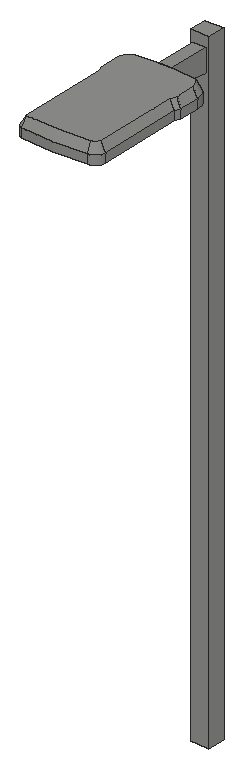
Revit family "VP-3-A", category Lighting Fixtures, host Face, Revit 2019
Family settings
  Host = Face
  Round Connector Dimension = Use Diameter
  Part Type = Normal
  OmniClass Number = 23.80.70.11.14.17
  OmniClass Title = Direct/Indirect
  Cut with Voids When Loaded = No
  Light Source = No
  Shared = Yes
  Room Calculation Point = No
Parameters (values of type "VP-3-A")
  Wattage Comments = "423 W"  # constant formula
  Warranty = "Five year warranty"  # constant formula
  Voltage = 120 V
  URL = "https://www.currentlighting.com/beacon"
  Type Comments = "Lighting Fixture"  # constant formula
  Product Page URL = "https://www.currentlighting.com/outdoor-lighting/viper-area-size-3/9606405"
  Product Documentation Link = "https://cdn.currentlighting.com/site/specsheet/BEA_VIPERSPEC.pdf"
  Power Factor = 0.9
  Pole Height [instance] = 120.00"
  Name = "Viper Area Size 3"  # constant formula
  Model = "VP-3-A"
  Matt Grey = MATT GREY
  Matt Black = Matt Black
  Manufacturer = "Current Lighting"  # constant formula
  Load Classification = Lighting
  Light Output = 30846.00 cd/m²
  Lamp = "LED"  # constant formula
  Grey = Grey
  Glass = Glass
  Pole Size [instance] = 3.50"
  Features = "Featuring two different optical technologies, Micro Strike and Strike Optics, which provide the best distribution patterns for retrofit or new construction\r\nVibration rated for high vibration applications including bridges and overpasses\r\nControl options including photo control, occupancy sensing, NX Lighting Controls, wiSCAPE and 7-Pin with networked controls\r\nMounting options include: Arm, Universal Arm, Adjustable Arm, Mast Arm, Decorative Arm, Knuckle, Trunnion, Wall\r\nDistribution options include: Auto Front Row, Type 2, Type 3, Type 4 Forward, Type 4 Wide, Type 5 Narrow, Type 5 Medium, Type 5 Wide, Type 5 Rectangular, Corner Optic, and Tennis Court\r\n\r\n"  # constant formula
  Copyright = "© 2022 Current Lighting"  # constant formula
  Cool Grey = Cool Grey
  Contact Us = "https://www.currentlighting.com/contact-us"
  Certification = "UL"  # constant formula
  Description = "The Viper is an extremely versatile area/site luminaire which blends design, performance, and technology for a variety of applications."  # constant formula
  Default Elevation = 48.00"
  Finish = Arctic White
  Matt White = Matt White
  CRI = "70"  # constant formula
  Brand = "Beacon"  # constant formula
  Assembly Code = "D5020200"
  Apparent Load = 423 VA  # constant formula
Reference planes (in)
  plane 1 "Center (Front/Back)": y = 6.16697
  plane 2: z = 0
  plane 3 "Center (Left/Right)": x = 0
  plane 4: z = 3.75
  plane 5: z = -4.44
  plane 6: x = -1.75
  plane 7: x = 1.75
  plane 8: y = 4.41697
  plane 9: y = 7.91697
  plane 10: z = 120
  plane 11: z = 122
Forms (in)
  Extrusion 1, solid, material "Cool Grey" <- "Cool Grey"
    sketch origin (0, 0, 0) x (1, 0, 0) y (0, 1, 0)
      loop
        line (-1.75, 7.91697) -> (-1.75, 4.41697) -> (1.75, 4.41697) -> (1.75, 7.91697) -> (-1.75, 7.91697)
    from 0 to 120
  Extrusion 2, solid, material "Cool Grey" <- "Cool Grey"
    sketch origin (0, 0, 0) x (1, 0, 0) y (0, 1, 0)
      loop
        line (-1.75, 7.91697) -> (-1.75, 4.41697) -> (1.75, 4.41697) -> (1.75, 7.91697) -> (-1.75, 7.91697)
    from 120 to 122
Cuts and joins
  joined: Extrusion 1, Extrusion 2
Lines and regions (in)
  reference lines
    curve 1: line (0, 14.42606, -3.25) -> (0, 17.42606, -0.25)
    curve 2: line (0, -2.09213, -3.25) -> (0, 14.42606, -3.25)
    curve 3: line (0, -5.09213, -0.25) -> (0, -2.09213, -3.25)
    curve 4: line (0, 14.42606, -3.25) -> (0, 17.42606, -0.25)
    curve 5: line (0, -5.09213, -0.25) -> (0, 17.42606, -0.25)
    curve 6: line (0, 17.17606, -0.77432) -> (0, 17.92606, -0.77432)
    curve 7: line (0, 17.17606, -1.52432) -> (0, 17.17606, -0.77432)
    curve 8: line (0, 16.69614, -1.52432) -> (0, 17.17606, -1.52432)
    curve 9: line (0, 14.92606, -4.25) -> (0, 16.69614, -1.52432)
    curve 10: line (0, -4.3622, -1.52432) -> (0, -2.59213, -4.25)
    curve 11: line (0, -4.84213, -1.52432) -> (0, -4.3622, -1.52432)
    curve 12: line (0, -4.84213, -0.77432) -> (0, -4.84213, -1.52432)
    curve 13: line (0, -5.59213, -0.77432) -> (0, -4.84213, -0.77432)
Dimensions and locks (in)
  plane 4 to plane 2 = 3.75"
  "Pole Size": plane 8 to plane 9
  equal spacing: plane 8, plane 1 "Center (Front/Back)", plane 9
  equal spacing: plane 6, plane 3 "Center (Left/Right)", plane 7
  "Pole Size": plane 6 to plane 7
  "Pole Height": plane 10 to plane 2
  locked: plane 11 to plane 10 at 2
  aligned and locked: plane 2 to host face
  aligned and locked: level to host face
  aligned and locked: plane 10 to Extrusion 1
  aligned and locked: plane 3 "Center (Left/Right)" to nested 1
  aligned and locked: plane 9 to Extrusion 1 sketch curve
  aligned and locked: plane 6 to Extrusion 1 sketch curve
  aligned and locked: Extrusion 1 sketch curve to plane 8
  aligned and locked: Extrusion 1 sketch curve to plane 7
  aligned and locked: nested 1 to plane 10
  aligned and locked: Extrusion 2 sketch curve to Extrusion 1  (x4)
  aligned and locked: Extrusion 2 to Extrusion 1
  aligned and locked: plane 11 to Extrusion 2
Automatic sketch dimensions
  host sketch curve to host sketch curve = 96.00"
  host sketch curve to host sketch curve = 85.00"
  curve 3 to level = 0.25"
  plane 8 to curve 3 = 9.50909"
  curve 3 to curve 12 = 0.25"
  curve 11 to curve 11 = 0.47992"
  curve 2 to plane 5 = 1.19"
  curve 10 to curve 2 = 2.27008"
  curve 1 to plane 9 = 6.50909"
  curve 9 to level = 1.52432"
  curve 1 to curve 9 = 2.27008"
  curve 8 to curve 8 = 0.47992"
  curve 6 to curve 4 = 0.25"
  curve 10 to curve 3 = 1.27432"
  curve 7 to curve 1 = 0.52432"
  curve 12 to curve 3 = 0.52432"
  curve 13 to curve 3 = 0.50"
  curve 10 to plane 5 = 0.19"
  curve 10 to curve 2 = 0.50"
  curve 9 to plane 5 = 0.19"
  curve 1 to curve 9 = 0.50"
  curve 1 to curve 6 = 0.50"
Nested families (in)
  nested 1: "SIZE3" at (0, 4.41697, 118.26) x (1, 0, 0) z (0, -1, 0), type "SIZE3"
Connectors (in)
  electrical at (0, 6.16697, 0), driven by "Power Factor", driven by "Apparent Load", driven by "Voltage"
    settings: on Extrusion 1, index 1, voltage 120 V, apparent load 423 VA, apparent load phase1 0 VA, apparent load phase2 0 VA, apparent load phase3 0 VA, power factor 0.9, load classification "Other", number of poles 1, system type 30, power factor state 1, is connector primary yes, connector utility no, sub classification motor no, connector description "Light Fixture"
Definition of nested family "SIZE3"
  Parameters (values of type "SIZE3")
    Width = 16.11"
    Wattage = 423.2 W
    built-in parameter 1150110 = 1 (stored number, unit not read)
    built-in parameter 1114217 = 1 (stored number, unit not read)
    Tilt Angle = 160.00°
    built-in parameter 1150109 = 1 (stored number, unit not read)
    built-in parameter 1150134 = 3
    built-in parameter 1150113 = 1 (stored number, unit not read)
    Photometric Web File = "VP-3-480L-425-3K7-4W-BC.ies"
    Mount Length = 7.50"
    built-in parameter 1150105 = 2458.4 (stored number, unit not read)
    Lumens = 30893.6 lm
    built-in parameter 1150115 = 1 (stored number, unit not read)
    built-in parameter 1150137 = (empty or 0)
    built-in parameter 1150139 = (empty or 0)
    Length = 26.97"
    built-in parameter 1150112 = 1 (stored number, unit not read)
    built-in parameter 1150114 = 1 (stored number, unit not read)
    built-in parameter 1150132 = (empty or 0)
    built-in parameter 1150102 = (empty or 0)
    built-in parameter 1150107 = 3200 (stored number, unit not read)
    built-in parameter 1150138 = (empty or 0)
    built-in parameter 1150106 = 24.584 (stored number, unit not read)
    Glass = none
    Fixture = none
    built-in parameter 1150104 = 6.7819 (stored number, unit not read)
    Dimming Lamp Color Temperature Shift = (empty or 0)
    Default Elevation = 48.00"
    Color Filter = 16777215
    built-in parameter 1114218 = 1 (stored number, unit not read)
    built-in parameter 1150133 = 10 (stored number, unit not read)
  Reference planes (in)
    plane 1 "Center (Front/Back)": y = 0
    plane 2: z = 0
    plane 3 "Center (Left/Right)": x = 0
    plane 4: x = 8.055
    plane 5: x = -8.055
    plane 6: z = 7.5
    plane 7: z = 34.47
    plane 8: y = -1.74
    plane 9: y = 1.74
  Forms (in)
    Extrusion 1, solid
      sketch origin (0, 0, 0) x (1, 0, 0) y (0, 1, 0)
        loop
          line (-48, 48) -> (-48, -48) -> (48, -48) -> (48, 48) -> (-48, 48)
      from 0 to -12
    Extrusion 2, solid, material <- "Fixture"
      sketch origin (0, 0, 0) x (1, 0, 0) y (0, 0, 1)
        loop
          line (-7.77472, 15.72202) -> (-8.18, 14.67799) -> (-8.18, 10.64521)
          arc (-8.18, 10.64521) -> (-7.52407, 8.68733) -> (-5.82104, 7.51974) r 3.25
          arc (-5.82104, 7.51974) -> (0, 7.02866) -> (5.82104, 7.51974) r 34.74571
          arc (5.82104, 7.51974) -> (7.52407, 8.68733) -> (8.18, 10.64521) r 3.25
          line (8.18, 10.64521) -> (8.18, 14.67799) -> (7.7425, 15.80502) -> (7.7425, 32.05879)
          arc (7.7425, 32.05879) -> (7.16964, 33.45997) -> (5.77922, 34.05846) r 2
          arc (5.77922, 34.05846) -> (-0.48981, 34.44343) -> (-6.75192, 33.95884) r 45.36519
          arc (-6.75192, 33.95884) -> (-7.48558, 33.52919) -> (-7.77472, 32.72966) r 1.25
          line (-7.77472, 32.72966) -> (-7.77472, 15.72202)
      from 0 to 1.74
    Extrusion 3, solid, material <- "Fixture"
      sketch origin (0, 0, 0) x (0, 1, 0) y (0, 0, 1)
        loop
          line (1.74, 8.13918) -> (-1.6273, 8.13918) -> (-2.86955, -1.406) -> (1.74, -1.406) -> (1.74, 8.13918)
      from -1.24 to 1.24
    Extrusion 4, void
      sketch origin (0, 0, 0) x (1, 0, 0) y (0, 0, 1)
        loop
          arc (-6.77608, 15.13973) -> (0.07705, 15.56709) -> (6.93, 15.13674) r 54.96889
          line (6.93, 15.13674) -> (6.93, 32.15182) -> (-6.77608, 32.15182) -> (-6.77608, 15.13973)
      from 1 to 1.75
    Extrusion 5, solid, material <- "Glass"
      sketch origin (0, 0, 0) x (1, 0, 0) y (0, 0, 1)
        loop
          arc (-5.55487, 32.15182) -> (-5.80236, 32.04931) -> (-5.90487, 31.80182) r 0.35
          line (-5.90487, 31.80182) -> (-5.90487, 27.00182)
          arc (-5.90487, 27.00182) -> (-5.80236, 26.75434) -> (-5.55487, 26.65182) r 0.35
          line (-5.55487, 26.65182) -> (5.55487, 26.65182)
          arc (5.55487, 26.65182) -> (5.80236, 26.75434) -> (5.90487, 27.00182) r 0.35
          line (5.90487, 27.00182) -> (5.90487, 31.80182)
          arc (5.90487, 31.80182) -> (5.80236, 32.04931) -> (5.55487, 32.15182) r 0.35
          line (5.55487, 32.15182) -> (-5.55487, 32.15182)
      from 1 to 1.35
    Extrusion 6, solid, material <- "Glass"
      sketch origin (0.75, 0, 0.125) x (1, 0, 0) y (0, 0, 1)
        loop
          circle (-5.72329, 31.32694) r 0.15
        loop
          circle (-5.20455, 31.32694) r 0.15
        loop
          circle (-4.6858, 31.32694) r 0.15
        loop
          circle (-4.16705, 31.32694) r 0.15
        loop
          circle (-3.6483, 31.32694) r 0.15
        loop
          circle (-3.12955, 31.32694) r 0.15
        loop
          circle (-2.6108, 31.32694) r 0.15
        loop
          circle (-2.09205, 31.32694) r 0.15
        loop
          circle (-1.57331, 31.32694) r 0.15
        loop
          circle (-5.72329, 30.82694) r 0.15
        loop
          circle (-5.20455, 30.82694) r 0.15
        loop
          circle (-4.6858, 30.82694) r 0.15
        loop
          circle (-4.16705, 30.82694) r 0.15
        loop
          circle (-3.6483, 30.82694) r 0.15
        loop
          circle (-3.12955, 30.82694) r 0.15
        loop
          circle (-2.6108, 30.82694) r 0.15
        loop
          circle (-2.09205, 30.82694) r 0.15
        loop
          circle (-1.57331, 30.82694) r 0.15
        loop
          circle (-5.72329, 30.32694) r 0.15
        loop
          circle (-5.20455, 30.32694) r 0.15
        loop
          circle (-4.6858, 30.32694) r 0.15
        loop
          circle (-4.16705, 30.32694) r 0.15
        loop
          circle (-3.6483, 30.32694) r 0.15
        loop
          circle (-3.12955, 30.32694) r 0.15
        loop
          circle (-2.6108, 30.32694) r 0.15
        loop
          circle (-2.09205, 30.32694) r 0.15
        loop
          circle (-1.57331, 30.32694) r 0.15
        loop
          circle (-5.72329, 29.82694) r 0.15
        loop
          circle (-5.20455, 29.82694) r 0.15
        loop
          circle (-4.6858, 29.82694) r 0.15
        loop
          circle (-4.16705, 29.82694) r 0.15
        loop
          circle (-3.6483, 29.82694) r 0.15
        loop
          circle (-3.12955, 29.82694) r 0.15
        loop
          circle (-2.6108, 29.82694) r 0.15
        loop
          circle (-2.09205, 29.82694) r 0.15
        loop
          circle (-1.57331, 29.82694) r 0.15
        loop
          circle (-5.72329, 29.32694) r 0.15
        loop
          circle (-5.20455, 29.32694) r 0.15
        loop
          circle (-4.6858, 29.32694) r 0.15
        loop
          circle (-4.16705, 29.32694) r 0.15
        loop
          circle (-3.6483, 29.32694) r 0.15
        loop
          circle (-3.12955, 29.32694) r 0.15
        loop
          circle (-2.6108, 29.32694) r 0.15
        loop
          circle (-2.09205, 29.32694) r 0.15
        loop
          circle (-1.57331, 29.32694) r 0.15
        loop
          circle (-5.72329, 28.82694) r 0.15
        loop
          circle (-5.20455, 28.82694) r 0.15
        loop
          circle (-4.6858, 28.82694) r 0.15
        loop
          circle (-4.16705, 28.82694) r 0.15
        loop
          circle (-3.6483, 28.82694) r 0.15
        loop
          circle (-3.12955, 28.82694) r 0.15
        loop
          circle (-2.6108, 28.82694) r 0.15
        loop
          circle (-2.09205, 28.82694) r 0.15
        loop
          circle (-1.57331, 28.82694) r 0.15
        loop
          circle (-5.72329, 28.32694) r 0.15
        loop
          circle (-5.20455, 28.32694) r 0.15
        loop
          circle (-4.6858, 28.32694) r 0.15
        loop
          circle (-4.16705, 28.32694) r 0.15
        loop
          circle (-3.6483, 28.32694) r 0.15
        loop
          circle (-3.12955, 28.32694) r 0.15
        loop
          circle (-2.6108, 28.32694) r 0.15
        loop
          circle (-2.09205, 28.32694) r 0.15
        loop
          circle (-1.57331, 28.32694) r 0.15
        loop
          circle (-5.72329, 27.82694) r 0.15
        loop
          circle (-5.20455, 27.82694) r 0.15
        loop
          circle (-4.6858, 27.82694) r 0.15
        loop
          circle (-4.16705, 27.82694) r 0.15
        loop
          circle (-3.6483, 27.82694) r 0.15
        loop
          circle (-3.12955, 27.82694) r 0.15
        loop
          circle (-2.6108, 27.82694) r 0.15
        loop
          circle (-2.09205, 27.82694) r 0.15
        loop
          circle (-1.57331, 27.82694) r 0.15
        loop
          circle (-5.72329, 27.32694) r 0.15
        loop
          circle (-5.20455, 27.32694) r 0.15
        loop
          circle (-4.6858, 27.32694) r 0.15
        loop
          circle (-4.16705, 27.32694) r 0.15
        loop
          circle (-3.6483, 27.32694) r 0.15
        loop
          circle (-3.12955, 27.32694) r 0.15
        loop
          circle (-2.6108, 27.32694) r 0.15
        loop
          circle (-2.09205, 27.32694) r 0.15
        loop
          circle (-1.57331, 27.32694) r 0.15
      from 1.35 to 1.4
    Extrusion 7, solid, material <- "Glass"
      sketch origin (0, 0, 0.125) x (1, 0, 0) y (0, 0, 1)
        loop
          arc (-5.41155, 31.8309) -> (-5.58833, 31.75768) -> (-5.66155, 31.5809) r 0.25
          line (-5.66155, 31.5809) -> (-5.66155, 27.0809)
          arc (-5.66155, 27.0809) -> (-5.58833, 26.90412) -> (-5.41155, 26.8309) r 0.25
          line (-5.41155, 26.8309) -> (-0.54655, 26.8309)
          arc (-0.54655, 26.8309) -> (-0.36977, 26.90412) -> (-0.29655, 27.0809) r 0.25
          line (-0.29655, 27.0809) -> (-0.29655, 31.5809)
          arc (-0.29655, 31.5809) -> (-0.36977, 31.75768) -> (-0.54655, 31.8309) r 0.25
          line (-0.54655, 31.8309) -> (-5.41155, 31.8309)
      from 1.35 to 1.37213
    Extrusion 8, solid, material <- "Fixture"
      sketch origin (0.125, 0, 12.5) x (1, 0, 0) y (0, 1, 0)
        loop
          line (5.93193, -1) -> (5.93193, -1.20146)
          arc (5.93193, -1.20146) -> (5.93867, -1.23973) -> (5.95811, -1.27339) r 0.1119
          line (5.95811, -1.27339) -> (6.31867, -1.70309)
          arc (6.31867, -1.70309) -> (6.34664, -1.72455) -> (6.38107, -1.73219) r 0.08147
          line (6.38107, -1.73219) -> (6.805, -1.73219) -> (6.805, -1) -> (5.93193, -1)
      from 18.55 to 18.65
    Extrusion 9, solid, material <- "Glass"
      sketch origin (-0.75, 0, 0.125) x (-1, 0, 0) y (0, 0, -1)
        loop
          circle (-5.72329, -31.32694) r 0.15
        loop
          circle (-5.20455, -31.32694) r 0.15
        loop
          circle (-4.6858, -31.32694) r 0.15
        loop
          circle (-4.16705, -31.32694) r 0.15
        loop
          circle (-3.6483, -31.32694) r 0.15
        loop
          circle (-3.12955, -31.32694) r 0.15
        loop
          circle (-2.6108, -31.32694) r 0.15
        loop
          circle (-2.09205, -31.32694) r 0.15
        loop
          circle (-1.57331, -31.32694) r 0.15
        loop
          circle (-5.72329, -30.82694) r 0.15
        loop
          circle (-5.20455, -30.82694) r 0.15
        loop
          circle (-4.6858, -30.82694) r 0.15
        loop
          circle (-4.16705, -30.82694) r 0.15
        loop
          circle (-3.6483, -30.82694) r 0.15
        loop
          circle (-3.12955, -30.82694) r 0.15
        loop
          circle (-2.6108, -30.82694) r 0.15
        loop
          circle (-2.09205, -30.82694) r 0.15
        loop
          circle (-1.57331, -30.82694) r 0.15
        loop
          circle (-5.72329, -30.32694) r 0.15
        loop
          circle (-5.20455, -30.32694) r 0.15
        loop
          circle (-4.6858, -30.32694) r 0.15
        loop
          circle (-4.16705, -30.32694) r 0.15
        loop
          circle (-3.6483, -30.32694) r 0.15
        loop
          circle (-3.12955, -30.32694) r 0.15
        loop
          circle (-2.6108, -30.32694) r 0.15
        loop
          circle (-2.09205, -30.32694) r 0.15
        loop
          circle (-1.57331, -30.32694) r 0.15
        loop
          circle (-5.72329, -29.82694) r 0.15
        loop
          circle (-5.20455, -29.82694) r 0.15
        loop
          circle (-4.6858, -29.82694) r 0.15
        loop
          circle (-4.16705, -29.82694) r 0.15
        loop
          circle (-3.6483, -29.82694) r 0.15
        loop
          circle (-3.12955, -29.82694) r 0.15
        loop
          circle (-2.6108, -29.82694) r 0.15
        loop
          circle (-2.09205, -29.82694) r 0.15
        loop
          circle (-1.57331, -29.82694) r 0.15
        loop
          circle (-5.72329, -29.32694) r 0.15
        loop
          circle (-5.20455, -29.32694) r 0.15
        loop
          circle (-4.6858, -29.32694) r 0.15
        loop
          circle (-4.16705, -29.32694) r 0.15
        loop
          circle (-3.6483, -29.32694) r 0.15
        loop
          circle (-3.12955, -29.32694) r 0.15
        loop
          circle (-2.6108, -29.32694) r 0.15
        loop
          circle (-2.09205, -29.32694) r 0.15
        loop
          circle (-1.57331, -29.32694) r 0.15
        loop
          circle (-5.72329, -28.82694) r 0.15
        loop
          circle (-5.20455, -28.82694) r 0.15
        loop
          circle (-4.6858, -28.82694) r 0.15
        loop
          circle (-4.16705, -28.82694) r 0.15
        loop
          circle (-3.6483, -28.82694) r 0.15
        loop
          circle (-3.12955, -28.82694) r 0.15
        loop
          circle (-2.6108, -28.82694) r 0.15
        loop
          circle (-2.09205, -28.82694) r 0.15
        loop
          circle (-1.57331, -28.82694) r 0.15
        loop
          circle (-5.72329, -28.32694) r 0.15
        loop
          circle (-5.20455, -28.32694) r 0.15
        loop
          circle (-4.6858, -28.32694) r 0.15
        loop
          circle (-4.16705, -28.32694) r 0.15
        loop
          circle (-3.6483, -28.32694) r 0.15
        loop
          circle (-3.12955, -28.32694) r 0.15
        loop
          circle (-2.6108, -28.32694) r 0.15
        loop
          circle (-2.09205, -28.32694) r 0.15
        loop
          circle (-1.57331, -28.32694) r 0.15
        loop
          circle (-5.72329, -27.82694) r 0.15
        loop
          circle (-5.20455, -27.82694) r 0.15
        loop
          circle (-4.6858, -27.82694) r 0.15
        loop
          circle (-4.16705, -27.82694) r 0.15
        loop
          circle (-3.6483, -27.82694) r 0.15
        loop
          circle (-3.12955, -27.82694) r 0.15
        loop
          circle (-2.6108, -27.82694) r 0.15
        loop
          circle (-2.09205, -27.82694) r 0.15
        loop
          circle (-1.57331, -27.82694) r 0.15
        loop
          circle (-5.72329, -27.32694) r 0.15
        loop
          circle (-5.20455, -27.32694) r 0.15
        loop
          circle (-4.6858, -27.32694) r 0.15
        loop
          circle (-4.16705, -27.32694) r 0.15
        loop
          circle (-3.6483, -27.32694) r 0.15
        loop
          circle (-3.12955, -27.32694) r 0.15
        loop
          circle (-2.6108, -27.32694) r 0.15
        loop
          circle (-2.09205, -27.32694) r 0.15
        loop
          circle (-1.57331, -27.32694) r 0.15
      from 1.35 to 1.4
    Extrusion 10, solid, material <- "Glass"
      sketch origin (0, 0, 0.125) x (-1, 0, 0) y (0, 0, -1)
        loop
          line (-5.41155, -31.8309) -> (-0.54655, -31.8309)
          arc (-0.54655, -31.8309) -> (-0.36977, -31.75768) -> (-0.29655, -31.5809) r 0.25
          line (-0.29655, -31.5809) -> (-0.29655, -27.0809)
          arc (-0.29655, -27.0809) -> (-0.36977, -26.90412) -> (-0.54655, -26.8309) r 0.25
          line (-0.54655, -26.8309) -> (-5.41155, -26.8309)
          arc (-5.41155, -26.8309) -> (-5.58833, -26.90412) -> (-5.66155, -27.0809) r 0.25
          line (-5.66155, -27.0809) -> (-5.66155, -31.5809)
          arc (-5.66155, -31.5809) -> (-5.58833, -31.75768) -> (-5.41155, -31.8309) r 0.25
      from 1.35 to 1.37213
    Extrusion 11, solid, material <- "Glass"
      sketch origin (0, 0, -5.25) x (1, 0, 0) y (0, 0, 1)
        loop
          arc (-5.55487, 31.90182) -> (-5.80236, 31.79931) -> (-5.90487, 31.55182) r 0.35
          line (-5.90487, 31.55182) -> (-5.90487, 26.75182)
          arc (-5.90487, 26.75182) -> (-5.80236, 26.50434) -> (-5.55487, 26.40182) r 0.35
          line (-5.55487, 26.40182) -> (5.55487, 26.40182)
          arc (5.55487, 26.40182) -> (5.80236, 26.50434) -> (5.90487, 26.75182) r 0.35
          line (5.90487, 26.75182) -> (5.90487, 31.55182)
          arc (5.90487, 31.55182) -> (5.80236, 31.79931) -> (5.55487, 31.90182) r 0.35
          line (5.55487, 31.90182) -> (-5.55487, 31.90182)
      from 1 to 1.35
    Extrusion 12, solid, material <- "Glass"
      sketch origin (0.75, 0, -5.375) x (1, 0, 0) y (0, 0, 1)
        loop
          circle (-5.72329, 31.32694) r 0.15
        loop
          circle (-5.20455, 31.32694) r 0.15
        loop
          circle (-4.6858, 31.32694) r 0.15
        loop
          circle (-4.16705, 31.32694) r 0.15
        loop
          circle (-3.6483, 31.32694) r 0.15
        loop
          circle (-3.12955, 31.32694) r 0.15
        loop
          circle (-2.6108, 31.32694) r 0.15
        loop
          circle (-2.09205, 31.32694) r 0.15
        loop
          circle (-1.57331, 31.32694) r 0.15
        loop
          circle (-5.72329, 30.82694) r 0.15
        loop
          circle (-5.20455, 30.82694) r 0.15
        loop
          circle (-4.6858, 30.82694) r 0.15
        loop
          circle (-4.16705, 30.82694) r 0.15
        loop
          circle (-3.6483, 30.82694) r 0.15
        loop
          circle (-3.12955, 30.82694) r 0.15
        loop
          circle (-2.6108, 30.82694) r 0.15
        loop
          circle (-2.09205, 30.82694) r 0.15
        loop
          circle (-1.57331, 30.82694) r 0.15
        loop
          circle (-5.72329, 30.32694) r 0.15
        loop
          circle (-5.20455, 30.32694) r 0.15
        loop
          circle (-4.6858, 30.32694) r 0.15
        loop
          circle (-4.16705, 30.32694) r 0.15
        loop
          circle (-3.6483, 30.32694) r 0.15
        loop
          circle (-3.12955, 30.32694) r 0.15
        loop
          circle (-2.6108, 30.32694) r 0.15
        loop
          circle (-2.09205, 30.32694) r 0.15
        loop
          circle (-1.57331, 30.32694) r 0.15
        loop
          circle (-5.72329, 29.82694) r 0.15
        loop
          circle (-5.20455, 29.82694) r 0.15
        loop
          circle (-4.6858, 29.82694) r 0.15
        loop
          circle (-4.16705, 29.82694) r 0.15
        loop
          circle (-3.6483, 29.82694) r 0.15
        loop
          circle (-3.12955, 29.82694) r 0.15
        loop
          circle (-2.6108, 29.82694) r 0.15
        loop
          circle (-2.09205, 29.82694) r 0.15
        loop
          circle (-1.57331, 29.82694) r 0.15
        loop
          circle (-5.72329, 29.32694) r 0.15
        loop
          circle (-5.20455, 29.32694) r 0.15
        loop
          circle (-4.6858, 29.32694) r 0.15
        loop
          circle (-4.16705, 29.32694) r 0.15
        loop
          circle (-3.6483, 29.32694) r 0.15
        loop
          circle (-3.12955, 29.32694) r 0.15
        loop
          circle (-2.6108, 29.32694) r 0.15
        loop
          circle (-2.09205, 29.32694) r 0.15
        loop
          circle (-1.57331, 29.32694) r 0.15
        loop
          circle (-5.72329, 28.82694) r 0.15
        loop
          circle (-5.20455, 28.82694) r 0.15
        loop
          circle (-4.6858, 28.82694) r 0.15
        loop
          circle (-4.16705, 28.82694) r 0.15
        loop
          circle (-3.6483, 28.82694) r 0.15
        loop
          circle (-3.12955, 28.82694) r 0.15
        loop
          circle (-2.6108, 28.82694) r 0.15
        loop
          circle (-2.09205, 28.82694) r 0.15
        loop
          circle (-1.57331, 28.82694) r 0.15
        loop
          circle (-5.72329, 28.32694) r 0.15
        loop
          circle (-5.20455, 28.32694) r 0.15
        loop
          circle (-4.6858, 28.32694) r 0.15
        loop
          circle (-4.16705, 28.32694) r 0.15
        loop
          circle (-3.6483, 28.32694) r 0.15
        loop
          circle (-3.12955, 28.32694) r 0.15
        loop
          circle (-2.6108, 28.32694) r 0.15
        loop
          circle (-2.09205, 28.32694) r 0.15
        loop
          circle (-1.57331, 28.32694) r 0.15
        loop
          circle (-5.72329, 27.82694) r 0.15
        loop
          circle (-5.20455, 27.82694) r 0.15
        loop
          circle (-4.6858, 27.82694) r 0.15
        loop
          circle (-4.16705, 27.82694) r 0.15
        loop
          circle (-3.6483, 27.82694) r 0.15
        loop
          circle (-3.12955, 27.82694) r 0.15
        loop
          circle (-2.6108, 27.82694) r 0.15
        loop
          circle (-2.09205, 27.82694) r 0.15
        loop
          circle (-1.57331, 27.82694) r 0.15
        loop
          circle (-5.72329, 27.32694) r 0.15
        loop
          circle (-5.20455, 27.32694) r 0.15
        loop
          circle (-4.6858, 27.32694) r 0.15
        loop
          circle (-4.16705, 27.32694) r 0.15
        loop
          circle (-3.6483, 27.32694) r 0.15
        loop
          circle (-3.12955, 27.32694) r 0.15
        loop
          circle (-2.6108, 27.32694) r 0.15
        loop
          circle (-2.09205, 27.32694) r 0.15
        loop
          circle (-1.57331, 27.32694) r 0.15
      from 1.35 to 1.4
    Extrusion 13, solid, material <- "Glass"
      sketch origin (0, 0, -5.375) x (1, 0, 0) y (0, 0, 1)
        loop
          arc (-5.41155, 31.8309) -> (-5.58833, 31.75768) -> (-5.66155, 31.5809) r 0.25
          line (-5.66155, 31.5809) -> (-5.66155, 27.0809)
          arc (-5.66155, 27.0809) -> (-5.58833, 26.90412) -> (-5.41155, 26.8309) r 0.25
          line (-5.41155, 26.8309) -> (-0.54655, 26.8309)
          arc (-0.54655, 26.8309) -> (-0.36977, 26.90412) -> (-0.29655, 27.0809) r 0.25
          line (-0.29655, 27.0809) -> (-0.29655, 31.5809)
          arc (-0.29655, 31.5809) -> (-0.36977, 31.75768) -> (-0.54655, 31.8309) r 0.25
          line (-0.54655, 31.8309) -> (-5.41155, 31.8309)
      from 1.35 to 1.37213
    Extrusion 14, solid, material <- "Glass"
      sketch origin (-0.75, 0, -5.375) x (-1, 0, 0) y (0, 0, -1)
        loop
          circle (-5.72329, -31.32694) r 0.15
        loop
          circle (-5.20455, -31.32694) r 0.15
        loop
          circle (-4.6858, -31.32694) r 0.15
        loop
          circle (-4.16705, -31.32694) r 0.15
        loop
          circle (-3.6483, -31.32694) r 0.15
        loop
          circle (-3.12955, -31.32694) r 0.15
        loop
          circle (-2.6108, -31.32694) r 0.15
        loop
          circle (-2.09205, -31.32694) r 0.15
        loop
          circle (-1.57331, -31.32694) r 0.15
        loop
          circle (-5.72329, -30.82694) r 0.15
        loop
          circle (-5.20455, -30.82694) r 0.15
        loop
          circle (-4.6858, -30.82694) r 0.15
        loop
          circle (-4.16705, -30.82694) r 0.15
        loop
          circle (-3.6483, -30.82694) r 0.15
        loop
          circle (-3.12955, -30.82694) r 0.15
        loop
          circle (-2.6108, -30.82694) r 0.15
        loop
          circle (-2.09205, -30.82694) r 0.15
        loop
          circle (-1.57331, -30.82694) r 0.15
        loop
          circle (-5.72329, -30.32694) r 0.15
        loop
          circle (-5.20455, -30.32694) r 0.15
        loop
          circle (-4.6858, -30.32694) r 0.15
        loop
          circle (-4.16705, -30.32694) r 0.15
        loop
          circle (-3.6483, -30.32694) r 0.15
        loop
          circle (-3.12955, -30.32694) r 0.15
        loop
          circle (-2.6108, -30.32694) r 0.15
        loop
          circle (-2.09205, -30.32694) r 0.15
        loop
          circle (-1.57331, -30.32694) r 0.15
        loop
          circle (-5.72329, -29.82694) r 0.15
        loop
          circle (-5.20455, -29.82694) r 0.15
        loop
          circle (-4.6858, -29.82694) r 0.15
        loop
          circle (-4.16705, -29.82694) r 0.15
        loop
          circle (-3.6483, -29.82694) r 0.15
        loop
          circle (-3.12955, -29.82694) r 0.15
        loop
          circle (-2.6108, -29.82694) r 0.15
        loop
          circle (-2.09205, -29.82694) r 0.15
        loop
          circle (-1.57331, -29.82694) r 0.15
        loop
          circle (-5.72329, -29.32694) r 0.15
        loop
          circle (-5.20455, -29.32694) r 0.15
        loop
          circle (-4.6858, -29.32694) r 0.15
        loop
          circle (-4.16705, -29.32694) r 0.15
        loop
          circle (-3.6483, -29.32694) r 0.15
        loop
          circle (-3.12955, -29.32694) r 0.15
        loop
          circle (-2.6108, -29.32694) r 0.15
        loop
          circle (-2.09205, -29.32694) r 0.15
        loop
          circle (-1.57331, -29.32694) r 0.15
        loop
          circle (-5.72329, -28.82694) r 0.15
        loop
          circle (-5.20455, -28.82694) r 0.15
        loop
          circle (-4.6858, -28.82694) r 0.15
        loop
          circle (-4.16705, -28.82694) r 0.15
        loop
          circle (-3.6483, -28.82694) r 0.15
        loop
          circle (-3.12955, -28.82694) r 0.15
        loop
          circle (-2.6108, -28.82694) r 0.15
        loop
          circle (-2.09205, -28.82694) r 0.15
        loop
          circle (-1.57331, -28.82694) r 0.15
        loop
          circle (-5.72329, -28.32694) r 0.15
        loop
          circle (-5.20455, -28.32694) r 0.15
        loop
          circle (-4.6858, -28.32694) r 0.15
        loop
          circle (-4.16705, -28.32694) r 0.15
        loop
          circle (-3.6483, -28.32694) r 0.15
        loop
          circle (-3.12955, -28.32694) r 0.15
        loop
          circle (-2.6108, -28.32694) r 0.15
        loop
          circle (-2.09205, -28.32694) r 0.15
        loop
          circle (-1.57331, -28.32694) r 0.15
        loop
          circle (-5.72329, -27.82694) r 0.15
        loop
          circle (-5.20455, -27.82694) r 0.15
        loop
          circle (-4.6858, -27.82694) r 0.15
        loop
          circle (-4.16705, -27.82694) r 0.15
        loop
          circle (-3.6483, -27.82694) r 0.15
        loop
          circle (-3.12955, -27.82694) r 0.15
        loop
          circle (-2.6108, -27.82694) r 0.15
        loop
          circle (-2.09205, -27.82694) r 0.15
        loop
          circle (-1.57331, -27.82694) r 0.15
        loop
          circle (-5.72329, -27.32694) r 0.15
        loop
          circle (-5.20455, -27.32694) r 0.15
        loop
          circle (-4.6858, -27.32694) r 0.15
        loop
          circle (-4.16705, -27.32694) r 0.15
        loop
          circle (-3.6483, -27.32694) r 0.15
        loop
          circle (-3.12955, -27.32694) r 0.15
        loop
          circle (-2.6108, -27.32694) r 0.15
        loop
          circle (-2.09205, -27.32694) r 0.15
        loop
          circle (-1.57331, -27.32694) r 0.15
      from 1.35 to 1.4
    Extrusion 15, solid, material <- "Glass"
      sketch origin (0, 0, -5.375) x (-1, 0, 0) y (0, 0, -1)
        loop
          line (-5.41155, -31.8309) -> (-0.54655, -31.8309)
          arc (-0.54655, -31.8309) -> (-0.36977, -31.75768) -> (-0.29655, -31.5809) r 0.25
          line (-0.29655, -31.5809) -> (-0.29655, -27.0809)
          arc (-0.29655, -27.0809) -> (-0.36977, -26.90412) -> (-0.54655, -26.8309) r 0.25
          line (-0.54655, -26.8309) -> (-5.41155, -26.8309)
          arc (-5.41155, -26.8309) -> (-5.58833, -26.90412) -> (-5.66155, -27.0809) r 0.25
          line (-5.66155, -27.0809) -> (-5.66155, -31.5809)
          arc (-5.66155, -31.5809) -> (-5.58833, -31.75768) -> (-5.41155, -31.8309) r 0.25
      from 1.35 to 1.37213
    Extrusion 16, solid, material <- "Glass"
      sketch origin (0, 0, 47.80365) x (1, 0, 0) y (0, 0, 1)
        loop
          line (-5.55487, -32.15182) -> (5.55487, -32.15182)
          arc (5.55487, -32.15182) -> (5.80236, -32.04931) -> (5.90487, -31.80182) r 0.35
          line (5.90487, -31.80182) -> (5.90487, -27.00182)
          arc (5.90487, -27.00182) -> (5.80236, -26.75434) -> (5.55487, -26.65182) r 0.35
          line (5.55487, -26.65182) -> (-5.55487, -26.65182)
          arc (-5.55487, -26.65182) -> (-5.80236, -26.75434) -> (-5.90487, -27.00182) r 0.35
          line (-5.90487, -27.00182) -> (-5.90487, -31.80182)
          arc (-5.90487, -31.80182) -> (-5.80236, -32.04931) -> (-5.55487, -32.15182) r 0.35
      from 1 to 1.35
    Extrusion 17, solid, material <- "Glass"
      sketch origin (0.75, 0, 47.67865) x (1, 0, 0) y (0, 0, 1)
        loop
          circle (-5.72329, -31.32694) r 0.15
        loop
          circle (-5.20455, -31.32694) r 0.15
        loop
          circle (-4.6858, -31.32694) r 0.15
        loop
          circle (-4.16705, -31.32694) r 0.15
        loop
          circle (-3.6483, -31.32694) r 0.15
        loop
          circle (-3.12955, -31.32694) r 0.15
        loop
          circle (-2.6108, -31.32694) r 0.15
        loop
          circle (-2.09205, -31.32694) r 0.15
        loop
          circle (-1.57331, -31.32694) r 0.15
        loop
          circle (-5.72329, -30.82694) r 0.15
        loop
          circle (-5.20455, -30.82694) r 0.15
        loop
          circle (-4.6858, -30.82694) r 0.15
        loop
          circle (-4.16705, -30.82694) r 0.15
        loop
          circle (-3.6483, -30.82694) r 0.15
        loop
          circle (-3.12955, -30.82694) r 0.15
        loop
          circle (-2.6108, -30.82694) r 0.15
        loop
          circle (-2.09205, -30.82694) r 0.15
        loop
          circle (-1.57331, -30.82694) r 0.15
        loop
          circle (-5.72329, -30.32694) r 0.15
        loop
          circle (-5.20455, -30.32694) r 0.15
        loop
          circle (-4.6858, -30.32694) r 0.15
        loop
          circle (-4.16705, -30.32694) r 0.15
        loop
          circle (-3.6483, -30.32694) r 0.15
        loop
          circle (-3.12955, -30.32694) r 0.15
        loop
          circle (-2.6108, -30.32694) r 0.15
        loop
          circle (-2.09205, -30.32694) r 0.15
        loop
          circle (-1.57331, -30.32694) r 0.15
        loop
          circle (-5.72329, -29.82694) r 0.15
        loop
          circle (-5.20455, -29.82694) r 0.15
        loop
          circle (-4.6858, -29.82694) r 0.15
        loop
          circle (-4.16705, -29.82694) r 0.15
        loop
          circle (-3.6483, -29.82694) r 0.15
        loop
          circle (-3.12955, -29.82694) r 0.15
        loop
          circle (-2.6108, -29.82694) r 0.15
        loop
          circle (-2.09205, -29.82694) r 0.15
        loop
          circle (-1.57331, -29.82694) r 0.15
        loop
          circle (-5.72329, -29.32694) r 0.15
        loop
          circle (-5.20455, -29.32694) r 0.15
        loop
          circle (-4.6858, -29.32694) r 0.15
        loop
          circle (-4.16705, -29.32694) r 0.15
        loop
          circle (-3.6483, -29.32694) r 0.15
        loop
          circle (-3.12955, -29.32694) r 0.15
        loop
          circle (-2.6108, -29.32694) r 0.15
        loop
          circle (-2.09205, -29.32694) r 0.15
        loop
          circle (-1.57331, -29.32694) r 0.15
        loop
          circle (-5.72329, -28.82694) r 0.15
        loop
          circle (-5.20455, -28.82694) r 0.15
        loop
          circle (-4.6858, -28.82694) r 0.15
        loop
          circle (-4.16705, -28.82694) r 0.15
        loop
          circle (-3.6483, -28.82694) r 0.15
        loop
          circle (-3.12955, -28.82694) r 0.15
        loop
          circle (-2.6108, -28.82694) r 0.15
        loop
          circle (-2.09205, -28.82694) r 0.15
        loop
          circle (-1.57331, -28.82694) r 0.15
        loop
          circle (-5.72329, -28.32694) r 0.15
        loop
          circle (-5.20455, -28.32694) r 0.15
        loop
          circle (-4.6858, -28.32694) r 0.15
        loop
          circle (-4.16705, -28.32694) r 0.15
        loop
          circle (-3.6483, -28.32694) r 0.15
        loop
          circle (-3.12955, -28.32694) r 0.15
        loop
          circle (-2.6108, -28.32694) r 0.15
        loop
          circle (-2.09205, -28.32694) r 0.15
        loop
          circle (-1.57331, -28.32694) r 0.15
        loop
          circle (-5.72329, -27.82694) r 0.15
        loop
          circle (-5.20455, -27.82694) r 0.15
        loop
          circle (-4.6858, -27.82694) r 0.15
        loop
          circle (-4.16705, -27.82694) r 0.15
        loop
          circle (-3.6483, -27.82694) r 0.15
        loop
          circle (-3.12955, -27.82694) r 0.15
        loop
          circle (-2.6108, -27.82694) r 0.15
        loop
          circle (-2.09205, -27.82694) r 0.15
        loop
          circle (-1.57331, -27.82694) r 0.15
        loop
          circle (-5.72329, -27.32694) r 0.15
        loop
          circle (-5.20455, -27.32694) r 0.15
        loop
          circle (-4.6858, -27.32694) r 0.15
        loop
          circle (-4.16705, -27.32694) r 0.15
        loop
          circle (-3.6483, -27.32694) r 0.15
        loop
          circle (-3.12955, -27.32694) r 0.15
        loop
          circle (-2.6108, -27.32694) r 0.15
        loop
          circle (-2.09205, -27.32694) r 0.15
        loop
          circle (-1.57331, -27.32694) r 0.15
      from 1.35 to 1.4
    Extrusion 18, solid, material <- "Glass"
      sketch origin (0, 0, 47.67865) x (1, 0, 0) y (0, 0, 1)
        loop
          line (-5.41155, -31.8309) -> (-0.54655, -31.8309)
          arc (-0.54655, -31.8309) -> (-0.36977, -31.75768) -> (-0.29655, -31.5809) r 0.25
          line (-0.29655, -31.5809) -> (-0.29655, -27.0809)
          arc (-0.29655, -27.0809) -> (-0.36977, -26.90412) -> (-0.54655, -26.8309) r 0.25
          line (-0.54655, -26.8309) -> (-5.41155, -26.8309)
          arc (-5.41155, -26.8309) -> (-5.58833, -26.90412) -> (-5.66155, -27.0809) r 0.25
          line (-5.66155, -27.0809) -> (-5.66155, -31.5809)
          arc (-5.66155, -31.5809) -> (-5.58833, -31.75768) -> (-5.41155, -31.8309) r 0.25
      from 1.35 to 1.37213
    Extrusion 19, solid, material <- "Glass"
      sketch origin (-0.75, 0, 47.67865) x (-1, 0, 0) y (0, 0, -1)
        loop
          circle (-5.72329, 31.32694) r 0.15
        loop
          circle (-5.20455, 31.32694) r 0.15
        loop
          circle (-4.6858, 31.32694) r 0.15
        loop
          circle (-4.16705, 31.32694) r 0.15
        loop
          circle (-3.6483, 31.32694) r 0.15
        loop
          circle (-3.12955, 31.32694) r 0.15
        loop
          circle (-2.6108, 31.32694) r 0.15
        loop
          circle (-2.09205, 31.32694) r 0.15
        loop
          circle (-1.57331, 31.32694) r 0.15
        loop
          circle (-5.72329, 30.82694) r 0.15
        loop
          circle (-5.20455, 30.82694) r 0.15
        loop
          circle (-4.6858, 30.82694) r 0.15
        loop
          circle (-4.16705, 30.82694) r 0.15
        loop
          circle (-3.6483, 30.82694) r 0.15
        loop
          circle (-3.12955, 30.82694) r 0.15
        loop
          circle (-2.6108, 30.82694) r 0.15
        loop
          circle (-2.09205, 30.82694) r 0.15
        loop
          circle (-1.57331, 30.82694) r 0.15
        loop
          circle (-5.72329, 30.32694) r 0.15
        loop
          circle (-5.20455, 30.32694) r 0.15
        loop
          circle (-4.6858, 30.32694) r 0.15
        loop
          circle (-4.16705, 30.32694) r 0.15
        loop
          circle (-3.6483, 30.32694) r 0.15
        loop
          circle (-3.12955, 30.32694) r 0.15
        loop
          circle (-2.6108, 30.32694) r 0.15
        loop
          circle (-2.09205, 30.32694) r 0.15
        loop
          circle (-1.57331, 30.32694) r 0.15
        loop
          circle (-5.72329, 29.82694) r 0.15
        loop
          circle (-5.20455, 29.82694) r 0.15
        loop
          circle (-4.6858, 29.82694) r 0.15
        loop
          circle (-4.16705, 29.82694) r 0.15
        loop
          circle (-3.6483, 29.82694) r 0.15
        loop
          circle (-3.12955, 29.82694) r 0.15
        loop
          circle (-2.6108, 29.82694) r 0.15
        loop
          circle (-2.09205, 29.82694) r 0.15
        loop
          circle (-1.57331, 29.82694) r 0.15
        loop
          circle (-5.72329, 29.32694) r 0.15
        loop
          circle (-5.20455, 29.32694) r 0.15
        loop
          circle (-4.6858, 29.32694) r 0.15
        loop
          circle (-4.16705, 29.32694) r 0.15
        loop
          circle (-3.6483, 29.32694) r 0.15
        loop
          circle (-3.12955, 29.32694) r 0.15
        loop
          circle (-2.6108, 29.32694) r 0.15
        loop
          circle (-2.09205, 29.32694) r 0.15
        loop
          circle (-1.57331, 29.32694) r 0.15
        loop
          circle (-5.72329, 28.82694) r 0.15
        loop
          circle (-5.20455, 28.82694) r 0.15
        loop
          circle (-4.6858, 28.82694) r 0.15
        loop
          circle (-4.16705, 28.82694) r 0.15
        loop
          circle (-3.6483, 28.82694) r 0.15
        loop
          circle (-3.12955, 28.82694) r 0.15
        loop
          circle (-2.6108, 28.82694) r 0.15
        loop
          circle (-2.09205, 28.82694) r 0.15
        loop
          circle (-1.57331, 28.82694) r 0.15
        loop
          circle (-5.72329, 28.32694) r 0.15
        loop
          circle (-5.20455, 28.32694) r 0.15
        loop
          circle (-4.6858, 28.32694) r 0.15
        loop
          circle (-4.16705, 28.32694) r 0.15
        loop
          circle (-3.6483, 28.32694) r 0.15
        loop
          circle (-3.12955, 28.32694) r 0.15
        loop
          circle (-2.6108, 28.32694) r 0.15
        loop
          circle (-2.09205, 28.32694) r 0.15
        loop
          circle (-1.57331, 28.32694) r 0.15
        loop
          circle (-5.72329, 27.82694) r 0.15
        loop
          circle (-5.20455, 27.82694) r 0.15
        loop
          circle (-4.6858, 27.82694) r 0.15
        loop
          circle (-4.16705, 27.82694) r 0.15
        loop
          circle (-3.6483, 27.82694) r 0.15
        loop
          circle (-3.12955, 27.82694) r 0.15
        loop
          circle (-2.6108, 27.82694) r 0.15
        loop
          circle (-2.09205, 27.82694) r 0.15
        loop
          circle (-1.57331, 27.82694) r 0.15
        loop
          circle (-5.72329, 27.32694) r 0.15
        loop
          circle (-5.20455, 27.32694) r 0.15
        loop
          circle (-4.6858, 27.32694) r 0.15
        loop
          circle (-4.16705, 27.32694) r 0.15
        loop
          circle (-3.6483, 27.32694) r 0.15
        loop
          circle (-3.12955, 27.32694) r 0.15
        loop
          circle (-2.6108, 27.32694) r 0.15
        loop
          circle (-2.09205, 27.32694) r 0.15
        loop
          circle (-1.57331, 27.32694) r 0.15
      from 1.35 to 1.4
    Extrusion 20, solid, material <- "Glass"
      sketch origin (0, 0, 47.67865) x (-1, 0, 0) y (0, 0, -1)
        loop
          arc (-5.41155, 31.8309) -> (-5.58833, 31.75768) -> (-5.66155, 31.5809) r 0.25
          line (-5.66155, 31.5809) -> (-5.66155, 27.0809)
          arc (-5.66155, 27.0809) -> (-5.58833, 26.90412) -> (-5.41155, 26.8309) r 0.25
          line (-5.41155, 26.8309) -> (-0.54655, 26.8309)
          arc (-0.54655, 26.8309) -> (-0.36977, 26.90412) -> (-0.29655, 27.0809) r 0.25
          line (-0.29655, 27.0809) -> (-0.29655, 31.5809)
          arc (-0.29655, 31.5809) -> (-0.36977, 31.75768) -> (-0.54655, 31.8309) r 0.25
          line (-0.54655, 31.8309) -> (-5.41155, 31.8309)
      from 1.35 to 1.37213
    Extrusion 21, solid, material <- "Fixture"
      sketch origin (0.125, 0, 11.49818) x (1, 0, 0) y (0, 1, 0)
        loop
          line (5.93193, -1) -> (5.93193, -1.20146)
          arc (5.93193, -1.20146) -> (5.93867, -1.23973) -> (5.95811, -1.27339) r 0.1119
          line (5.95811, -1.27339) -> (6.31867, -1.70309)
          arc (6.31867, -1.70309) -> (6.34664, -1.72455) -> (6.38107, -1.73219) r 0.08147
          line (6.38107, -1.73219) -> (6.805, -1.73219) -> (6.805, -1) -> (5.93193, -1)
      from 18.55 to 18.65
    Extrusion 22, solid, material <- "Fixture"
      sketch origin (0.125, 0, 10.49635) x (1, 0, 0) y (0, 1, 0)
        loop
          line (5.93193, -1) -> (5.93193, -1.20146)
          arc (5.93193, -1.20146) -> (5.93867, -1.23973) -> (5.95811, -1.27339) r 0.1119
          line (5.95811, -1.27339) -> (6.31867, -1.70309)
          arc (6.31867, -1.70309) -> (6.34664, -1.72455) -> (6.38107, -1.73219) r 0.08147
          line (6.38107, -1.73219) -> (6.805, -1.73219) -> (6.805, -1) -> (5.93193, -1)
      from 18.55 to 18.65
    Extrusion 23, solid, material <- "Fixture"
      sketch origin (0.125, 0, 9.49453) x (1, 0, 0) y (0, 1, 0)
        loop
          line (5.93193, -1) -> (5.93193, -1.20146)
          arc (5.93193, -1.20146) -> (5.93867, -1.23973) -> (5.95811, -1.27339) r 0.1119
          line (5.95811, -1.27339) -> (6.31867, -1.70309)
          arc (6.31867, -1.70309) -> (6.34664, -1.72455) -> (6.38107, -1.73219) r 0.08147
          line (6.38107, -1.73219) -> (6.805, -1.73219) -> (6.805, -1) -> (5.93193, -1)
      from 18.55 to 18.65
    Extrusion 24, solid, material <- "Fixture"
      sketch origin (0.125, 0, 8.49453) x (1, 0, 0) y (0, 1, 0)
        loop
          line (5.93193, -1) -> (5.93193, -1.20146)
          arc (5.93193, -1.20146) -> (5.93867, -1.23973) -> (5.95811, -1.27339) r 0.1119
          line (5.95811, -1.27339) -> (6.31867, -1.70309)
          arc (6.31867, -1.70309) -> (6.34664, -1.72455) -> (6.38107, -1.73219) r 0.08147
          line (6.38107, -1.73219) -> (6.805, -1.73219) -> (6.805, -1) -> (5.93193, -1)
      from 18.55 to 18.65
    Extrusion 25, solid, material <- "Fixture"
      sketch origin (0.125, 0, 7.4375) x (1, 0, 0) y (0, 1, 0)
        loop
          line (5.93193, -1) -> (5.93193, -1.20146)
          arc (5.93193, -1.20146) -> (5.93867, -1.23973) -> (5.95811, -1.27339) r 0.1119
          line (5.95811, -1.27339) -> (6.31867, -1.70309)
          arc (6.31867, -1.70309) -> (6.34664, -1.72455) -> (6.38107, -1.73219) r 0.08147
          line (6.38107, -1.73219) -> (6.805, -1.73219) -> (6.805, -1) -> (5.93193, -1)
      from 18.55 to 18.65
    Extrusion 26, solid, material <- "Fixture"
      sketch origin (0.125, 0, 6.43568) x (1, 0, 0) y (0, 1, 0)
        loop
          line (5.93193, -1) -> (5.93193, -1.20146)
          arc (5.93193, -1.20146) -> (5.93867, -1.23973) -> (5.95811, -1.27339) r 0.1119
          line (5.95811, -1.27339) -> (6.31867, -1.70309)
          arc (6.31867, -1.70309) -> (6.34664, -1.72455) -> (6.38107, -1.73219) r 0.08147
          line (6.38107, -1.73219) -> (6.805, -1.73219) -> (6.805, -1) -> (5.93193, -1)
      from 18.55 to 18.65
    Extrusion 27, solid, material <- "Fixture"
      sketch origin (0.125, 0, 5.43385) x (1, 0, 0) y (0, 1, 0)
        loop
          line (5.93193, -1) -> (5.93193, -1.20146)
          arc (5.93193, -1.20146) -> (5.93867, -1.23973) -> (5.95811, -1.27339) r 0.1119
          line (5.95811, -1.27339) -> (6.31867, -1.70309)
          arc (6.31867, -1.70309) -> (6.34664, -1.72455) -> (6.38107, -1.73219) r 0.08147
          line (6.38107, -1.73219) -> (6.805, -1.73219) -> (6.805, -1) -> (5.93193, -1)
      from 18.55 to 18.65
    Extrusion 28, solid, material <- "Fixture"
      sketch origin (0.125, 0, 4.43203) x (1, 0, 0) y (0, 1, 0)
        loop
          line (5.93193, -1) -> (5.93193, -1.20146)
          arc (5.93193, -1.20146) -> (5.93867, -1.23973) -> (5.95811, -1.27339) r 0.1119
          line (5.95811, -1.27339) -> (6.31867, -1.70309)
          arc (6.31867, -1.70309) -> (6.34664, -1.72455) -> (6.38107, -1.73219) r 0.08147
          line (6.38107, -1.73219) -> (6.805, -1.73219) -> (6.805, -1) -> (5.93193, -1)
      from 18.55 to 18.65
    Extrusion 29, solid, material <- "Fixture"
      sketch origin (0.125, 0, 3.43203) x (1, 0, 0) y (0, 1, 0)
        loop
          line (5.93193, -1) -> (5.93193, -1.20146)
          arc (5.93193, -1.20146) -> (5.93867, -1.23973) -> (5.95811, -1.27339) r 0.1119
          line (5.95811, -1.27339) -> (6.31867, -1.70309)
          arc (6.31867, -1.70309) -> (6.34664, -1.72455) -> (6.38107, -1.73219) r 0.08147
          line (6.38107, -1.73219) -> (6.805, -1.73219) -> (6.805, -1) -> (5.93193, -1)
      from 18.55 to 18.65
    Extrusion 30, solid, material <- "Fixture"
      sketch origin (0.125, 0, 1.75) x (1, 0, 0) y (0, 1, 0)
        loop
          line (5.93193, -1) -> (5.93193, -1.20146)
          arc (5.93193, -1.20146) -> (5.93867, -1.23973) -> (5.95811, -1.27339) r 0.1119
          line (5.95811, -1.27339) -> (6.31867, -1.70309)
          arc (6.31867, -1.70309) -> (6.34664, -1.72455) -> (6.38107, -1.73219) r 0.08147
          line (6.38107, -1.73219) -> (6.805, -1.73219) -> (6.805, -1) -> (5.93193, -1)
      from 18.55 to 18.65
    Extrusion 31, solid, material <- "Fixture"
      sketch origin (0.125, 0, 0.74818) x (1, 0, 0) y (0, 1, 0)
        loop
          line (5.93193, -1) -> (5.93193, -1.20146)
          arc (5.93193, -1.20146) -> (5.93867, -1.23973) -> (5.95811, -1.27339) r 0.1119
          line (5.95811, -1.27339) -> (6.31867, -1.70309)
          arc (6.31867, -1.70309) -> (6.34664, -1.72455) -> (6.38107, -1.73219) r 0.08147
          line (6.38107, -1.73219) -> (6.805, -1.73219) -> (6.805, -1) -> (5.93193, -1)
      from 18.55 to 18.65
    Extrusion 32, solid, material <- "Fixture"
      sketch origin (0.125, 0, -0.25365) x (1, 0, 0) y (0, 1, 0)
        loop
          line (5.93193, -1) -> (5.93193, -1.20146)
          arc (5.93193, -1.20146) -> (5.93867, -1.23973) -> (5.95811, -1.27339) r 0.1119
          line (5.95811, -1.27339) -> (6.31867, -1.70309)
          arc (6.31867, -1.70309) -> (6.34664, -1.72455) -> (6.38107, -1.73219) r 0.08147
          line (6.38107, -1.73219) -> (6.805, -1.73219) -> (6.805, -1) -> (5.93193, -1)
      from 18.55 to 18.65
    Extrusion 33, solid, material <- "Fixture"
      sketch origin (0.125, 0, -1.25547) x (1, 0, 0) y (0, 1, 0)
        loop
          line (5.93193, -1) -> (5.93193, -1.20146)
          arc (5.93193, -1.20146) -> (5.93867, -1.23973) -> (5.95811, -1.27339) r 0.1119
          line (5.95811, -1.27339) -> (6.31867, -1.70309)
          arc (6.31867, -1.70309) -> (6.34664, -1.72455) -> (6.38107, -1.73219) r 0.08147
          line (6.38107, -1.73219) -> (6.805, -1.73219) -> (6.805, -1) -> (5.93193, -1)
      from 18.55 to 18.65
    Extrusion 34, solid, material <- "Fixture"
      sketch origin (0.125, 0, -2.25547) x (1, 0, 0) y (0, 1, 0)
        loop
          line (5.93193, -1) -> (5.93193, -1.20146)
          arc (5.93193, -1.20146) -> (5.93867, -1.23973) -> (5.95811, -1.27339) r 0.1119
          line (5.95811, -1.27339) -> (6.31867, -1.70309)
          arc (6.31867, -1.70309) -> (6.34664, -1.72455) -> (6.38107, -1.73219) r 0.08147
          line (6.38107, -1.73219) -> (6.805, -1.73219) -> (6.805, -1) -> (5.93193, -1)
      from 18.55 to 18.65
    Extrusion 35, solid, material <- "Fixture"
      sketch origin (0.01562, 0, 12.5) x (-1, 0, 0) y (0, -1, 0)
        loop
          line (5.93193, 1) -> (6.805, 1) -> (6.805, 1.73219) -> (6.38107, 1.73219)
          arc (6.38107, 1.73219) -> (6.34664, 1.72455) -> (6.31867, 1.70309) r 0.08147
          line (6.31867, 1.70309) -> (5.95811, 1.27339)
          arc (5.95811, 1.27339) -> (5.93867, 1.23973) -> (5.93193, 1.20146) r 0.1119
          line (5.93193, 1.20146) -> (5.93193, 1)
      from 18.55 to 18.65
    Extrusion 36, solid, material <- "Fixture"
      sketch origin (0.01562, 0, 11.49818) x (-1, 0, 0) y (0, -1, 0)
        loop
          line (5.93193, 1) -> (6.805, 1) -> (6.805, 1.73219) -> (6.38107, 1.73219)
          arc (6.38107, 1.73219) -> (6.34664, 1.72455) -> (6.31867, 1.70309) r 0.08147
          line (6.31867, 1.70309) -> (5.95811, 1.27339)
          arc (5.95811, 1.27339) -> (5.93867, 1.23973) -> (5.93193, 1.20146) r 0.1119
          line (5.93193, 1.20146) -> (5.93193, 1)
      from 18.55 to 18.65
    Extrusion 37, solid, material <- "Fixture"
      sketch origin (0.01562, 0, 10.49635) x (-1, 0, 0) y (0, -1, 0)
        loop
          line (5.93193, 1) -> (6.805, 1) -> (6.805, 1.73219) -> (6.38107, 1.73219)
          arc (6.38107, 1.73219) -> (6.34664, 1.72455) -> (6.31867, 1.70309) r 0.08147
          line (6.31867, 1.70309) -> (5.95811, 1.27339)
          arc (5.95811, 1.27339) -> (5.93867, 1.23973) -> (5.93193, 1.20146) r 0.1119
          line (5.93193, 1.20146) -> (5.93193, 1)
      from 18.55 to 18.65
    Extrusion 38, solid, material <- "Fixture"
      sketch origin (0.01562, 0, 9.49453) x (-1, 0, 0) y (0, -1, 0)
        loop
          line (5.93193, 1) -> (6.805, 1) -> (6.805, 1.73219) -> (6.38107, 1.73219)
          arc (6.38107, 1.73219) -> (6.34664, 1.72455) -> (6.31867, 1.70309) r 0.08147
          line (6.31867, 1.70309) -> (5.95811, 1.27339)
          arc (5.95811, 1.27339) -> (5.93867, 1.23973) -> (5.93193, 1.20146) r 0.1119
          line (5.93193, 1.20146) -> (5.93193, 1)
      from 18.55 to 18.65
    Extrusion 39, solid, material <- "Fixture"
      sketch origin (0.01562, 0, 8.49453) x (-1, 0, 0) y (0, -1, 0)
        loop
          line (5.93193, 1) -> (6.805, 1) -> (6.805, 1.73219) -> (6.38107, 1.73219)
          arc (6.38107, 1.73219) -> (6.34664, 1.72455) -> (6.31867, 1.70309) r 0.08147
          line (6.31867, 1.70309) -> (5.95811, 1.27339)
          arc (5.95811, 1.27339) -> (5.93867, 1.23973) -> (5.93193, 1.20146) r 0.1119
          line (5.93193, 1.20146) -> (5.93193, 1)
      from 18.55 to 18.65
    Extrusion 40, solid, material <- "Fixture"
      sketch origin (0.01562, 0, 7.4375) x (-1, 0, 0) y (0, -1, 0)
        loop
          line (5.93193, 1) -> (6.805, 1) -> (6.805, 1.73219) -> (6.38107, 1.73219)
          arc (6.38107, 1.73219) -> (6.34664, 1.72455) -> (6.31867, 1.70309) r 0.08147
          line (6.31867, 1.70309) -> (5.95811, 1.27339)
          arc (5.95811, 1.27339) -> (5.93867, 1.23973) -> (5.93193, 1.20146) r 0.1119
          line (5.93193, 1.20146) -> (5.93193, 1)
      from 18.55 to 18.65
    Extrusion 41, solid, material <- "Fixture"
      sketch origin (0.01562, 0, 6.43568) x (-1, 0, 0) y (0, -1, 0)
        loop
          line (5.93193, 1) -> (6.805, 1) -> (6.805, 1.73219) -> (6.38107, 1.73219)
          arc (6.38107, 1.73219) -> (6.34664, 1.72455) -> (6.31867, 1.70309) r 0.08147
          line (6.31867, 1.70309) -> (5.95811, 1.27339)
          arc (5.95811, 1.27339) -> (5.93867, 1.23973) -> (5.93193, 1.20146) r 0.1119
          line (5.93193, 1.20146) -> (5.93193, 1)
      from 18.55 to 18.65
    Extrusion 42, solid, material <- "Fixture"
      sketch origin (0.01562, 0, 5.43385) x (-1, 0, 0) y (0, -1, 0)
        loop
          line (5.93193, 1) -> (6.805, 1) -> (6.805, 1.73219) -> (6.38107, 1.73219)
          arc (6.38107, 1.73219) -> (6.34664, 1.72455) -> (6.31867, 1.70309) r 0.08147
          line (6.31867, 1.70309) -> (5.95811, 1.27339)
          arc (5.95811, 1.27339) -> (5.93867, 1.23973) -> (5.93193, 1.20146) r 0.1119
          line (5.93193, 1.20146) -> (5.93193, 1)
      from 18.55 to 18.65
    Extrusion 43, solid, material <- "Fixture"
      sketch origin (0.01562, 0, 4.43203) x (-1, 0, 0) y (0, -1, 0)
        loop
          line (5.93193, 1) -> (6.805, 1) -> (6.805, 1.73219) -> (6.38107, 1.73219)
          arc (6.38107, 1.73219) -> (6.34664, 1.72455) -> (6.31867, 1.70309) r 0.08147
          line (6.31867, 1.70309) -> (5.95811, 1.27339)
          arc (5.95811, 1.27339) -> (5.93867, 1.23973) -> (5.93193, 1.20146) r 0.1119
          line (5.93193, 1.20146) -> (5.93193, 1)
      from 18.55 to 18.65
    Extrusion 44, solid, material <- "Fixture"
      sketch origin (0.01562, 0, 3.43203) x (-1, 0, 0) y (0, -1, 0)
        loop
          line (5.93193, 1) -> (6.805, 1) -> (6.805, 1.73219) -> (6.38107, 1.73219)
          arc (6.38107, 1.73219) -> (6.34664, 1.72455) -> (6.31867, 1.70309) r 0.08147
          line (6.31867, 1.70309) -> (5.95811, 1.27339)
          arc (5.95811, 1.27339) -> (5.93867, 1.23973) -> (5.93193, 1.20146) r 0.1119
          line (5.93193, 1.20146) -> (5.93193, 1)
      from 18.55 to 18.65
    Extrusion 45, solid, material <- "Fixture"
      sketch origin (0.01562, 0, 1.75) x (-1, 0, 0) y (0, -1, 0)
        loop
          line (5.93193, 1) -> (6.805, 1) -> (6.805, 1.73219) -> (6.38107, 1.73219)
          arc (6.38107, 1.73219) -> (6.34664, 1.72455) -> (6.31867, 1.70309) r 0.08147
          line (6.31867, 1.70309) -> (5.95811, 1.27339)
          arc (5.95811, 1.27339) -> (5.93867, 1.23973) -> (5.93193, 1.20146) r 0.1119
          line (5.93193, 1.20146) -> (5.93193, 1)
      from 18.55 to 18.65
    Extrusion 46, solid, material <- "Fixture"
      sketch origin (0.01562, 0, 0.74818) x (-1, 0, 0) y (0, -1, 0)
        loop
          line (5.93193, 1) -> (6.805, 1) -> (6.805, 1.73219) -> (6.38107, 1.73219)
          arc (6.38107, 1.73219) -> (6.34664, 1.72455) -> (6.31867, 1.70309) r 0.08147
          line (6.31867, 1.70309) -> (5.95811, 1.27339)
          arc (5.95811, 1.27339) -> (5.93867, 1.23973) -> (5.93193, 1.20146) r 0.1119
          line (5.93193, 1.20146) -> (5.93193, 1)
      from 18.55 to 18.65
    Extrusion 47, solid, material <- "Fixture"
      sketch origin (0.01562, 0, -0.25365) x (-1, 0, 0) y (0, -1, 0)
        loop
          line (5.93193, 1) -> (6.805, 1) -> (6.805, 1.73219) -> (6.38107, 1.73219)
          arc (6.38107, 1.73219) -> (6.34664, 1.72455) -> (6.31867, 1.70309) r 0.08147
          line (6.31867, 1.70309) -> (5.95811, 1.27339)
          arc (5.95811, 1.27339) -> (5.93867, 1.23973) -> (5.93193, 1.20146) r 0.1119
          line (5.93193, 1.20146) -> (5.93193, 1)
      from 18.55 to 18.65
    Extrusion 48, solid, material <- "Fixture"
      sketch origin (0.01562, 0, -1.25547) x (-1, 0, 0) y (0, -1, 0)
        loop
          line (5.93193, 1) -> (6.805, 1) -> (6.805, 1.73219) -> (6.38107, 1.73219)
          arc (6.38107, 1.73219) -> (6.34664, 1.72455) -> (6.31867, 1.70309) r 0.08147
          line (6.31867, 1.70309) -> (5.95811, 1.27339)
          arc (5.95811, 1.27339) -> (5.93867, 1.23973) -> (5.93193, 1.20146) r 0.1119
          line (5.93193, 1.20146) -> (5.93193, 1)
      from 18.55 to 18.65
